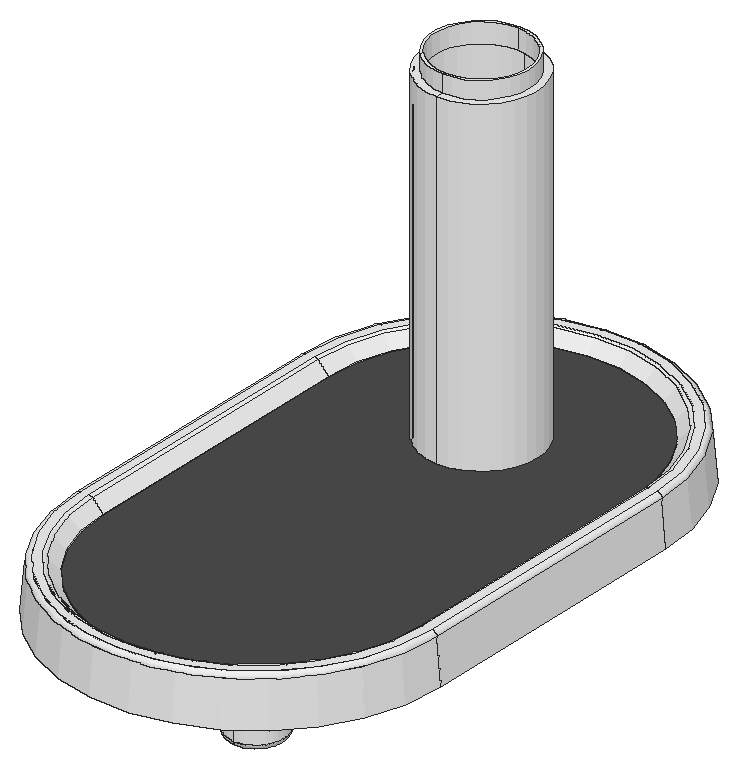
Revit family "HydroTap_Accessory_ZipUK_Font_Raised", category Plumbing Fixtures, Revit 2018
Family settings
  Round Connector Dimension = Use Diameter
  Part Type = Normal
  OmniClass Number = 23.21.21.25
  OmniClass Title = Commercial Food and Beverage Dispensing Equipment
  Work Plane-Based = Yes
  Always vertical = Yes
  Cut with Voids When Loaded = No
  Shared = No
  Room Calculation Point = No
Parameters (values of type "Bright Chrome (95258)")
  Waste Connection = yes
  Vent Connection = no
  Uniclass2015Version = "Products v1.17"
  Uniclass2015Title = "Instant boiling and cold water taps"
  Uniclass2015Code = "Pr_40_70_23_42"
  URL = "https://www.zipwater.co.uk/"
  Type Comments = "Bright Chrome Finish"
  SustainabilityPerformance = "n/a"
  Size = "152 x 268 x 194 mm"
  ModifiedIssue = 20210728
  Model = "Z00"
  ManufacturerURLProductSpecific = "https://specify.zipwater.co.uk/our-ranges/hydrotap"
  ManufacturerSpecCode = "95258"
  ManufacturerOverallWidth = 152 mm  # constant formula
  ManufacturerOverallHeight = 194 mm
  ManufacturerOverallDepth = 268 mm  # constant formula
  ManufacturerHeightFromFFL [instance] = 0 mm
  Manufacturer = "Zip Water UK"
  IfcExportType = "NOTDEFINED"
  IfcExportAs = "IfcWasteTerminal"
  HW Connection = no
  Grade = "Commercial"
  FixtureMaterial = Metal_BrightChrome_Zip
  Description = "Raised Tap Font for HydroTap"
  Default Elevation = 0 mm
  CreatedBy = "IGS BIM Solutions"  # constant formula
  CreatedByURL = "https://igsgroup.com.au"
  Color = "Bright Chrome"
  CodePerformance = "n/a"
  CW Connection = no
  AssetType = "Fixed"
  AccessibilityPerformance = "n/a"
Reference planes
  plane 1 "Ref. Level": z = 0
  plane 2 "Center (Left/Right)": x = 1
  plane 3 "Bottom": z = -43.6
  plane 4 "Top": z = 150.4
  plane 5 "Back": y = 124.25
  plane 6 "Center (Front/Back)": y = -9.75
  plane 7 "Top of benchtop": z = 0
  plane 8 "Right": x = 77
  plane 9 "Left": x = -75
  plane 10 "Front": y = -143.75
  plane 11 "Center of Tap": y = 48.25
  plane 12 "Center of Drain": y = -67.75
Forms (mm)
  Revolve 1, solid, material "Metal_BrightChrome_Zip" <- "FixtureMaterial", detail levels medium+fine
    sketch origin (1, 0.312, 0) x (0, 1, 0) y (0, 0, 1)
      loop
        line (70.937, 150.4) -> (67.759, 150.4) -> (67.759, 157.4) -> (66.759, 157.4) -> (66.759, 149.4) -> (69.937, 149.4) -> (69.937, 15) -> (70.937, 15) -> (70.937, 150.4)
      axis (47.937, 15) -> (47.937, 157.4)
    angle from 0 to 360
  Revolve 2, solid, material "Metal_BrightChrome_Zip" <- "FixtureMaterial", detail levels fine
    sketch origin (1, 0, 0) x (0, 1, 0) y (0, 0, 1)
      loop
        line (-67.75, 0) -> (-110.75, 0) -> (-79.25, -18.187) -> (-79.25, -41.6)
        arc (-79.25, -41.6) -> (-78.664, -43.014) -> (-77.25, -43.6) r 2
        line (-77.25, -43.6) -> (-67.75, -43.6) -> (-67.75, 0)
      axis (-67.75, 0) -> (-67.75, -43.6)
    angle from 0 to 360
  Extrusion 3, solid, material "Metal_BrightChrome_Zip" <- "FixtureMaterial", detail levels coarse
    sketch origin (0, 0, 0) x (-1, 0, 0) y (0, -1, 0)
      loop
        circle (-1, -48.25) r 23
    from 20 to 150.4
  Sweep 4, solid, material "Metal_BrightChrome_Zip" <- "FixtureMaterial", detail levels fine
    path origin (0, 0, 0) x (-1, 0, 0) y (0, -1, 0)
      loop
        arc (75, 67.75) -> (-1, 143.75) -> (-77, 67.75) r 76
        line (-77, 67.75) -> (-77, -48.25)
        arc (-77, -48.25) -> (-1, -124.25) -> (75, -48.25) r 76
        line (75, -48.25) -> (75, 67.75)
    profile origin (-75, -9.75, 0) x (-1, 0, 0) y (0, 0, 1)
      loop
        line (0, 0) -> (-1.59, 18.174)
        arc (-1.59, 18.174) -> (-2.231, 19.475) -> (-3.582, 20) r 2
        line (-3.582, 20) -> (-7.172, 20)
        arc (-7.172, 20) -> (-7.937, 19.848) -> (-8.586, 19.414) r 2
        line (-8.586, 19.414) -> (-13, 15) -> (-13, 0) -> (0, 0)
  Extrusion 5, solid, material "Black_Zip", detail levels medium+fine
    sketch origin (-243, -1524, 0) x (-1, 0, 0) y (0, -1, 0)
      loop
        line (-181, -1572.25) -> (-181, -1456.25)
        arc (-181, -1456.25) -> (-244, -1393.25) -> (-307, -1456.25) r 63
        line (-307, -1456.25) -> (-307, -1572.25)
        arc (-307, -1572.25) -> (-244, -1635.25) -> (-181, -1572.25) r 63
    from 0 to 15
  Sweep 6, solid, material "Metal_BrightChrome_Zip" <- "FixtureMaterial", detail levels medium
    path origin (0, 0, 0) x (-1, 0, 0) y (0, -1, 0)
      loop
        arc (75, 67.75) -> (-1, 143.75) -> (-77, 67.75) r 76
        line (-77, 67.75) -> (-77, -48.25)
        arc (-77, -48.25) -> (-1, -124.25) -> (75, -48.25) r 76
        line (75, -48.25) -> (75, 67.75)
    profile origin (-75, -9.75, 0) x (-1, 0, 0) y (0, 0, 1)
      loop
        line (0, 0) -> (0, 20) -> (-13, 20) -> (-13, 0) -> (0, 0)
  Extrusion 7, solid, material "Metal_BrightChrome_Zip" <- "FixtureMaterial", detail levels coarse
    sketch origin (-243, -1524, 0) x (-1, 0, 0) y (0, -1, 0)
      loop
        line (-168, -1572.25) -> (-168, -1456.25)
        arc (-168, -1456.25) -> (-244, -1380.25) -> (-320, -1456.25) r 76
        line (-320, -1456.25) -> (-320, -1572.25)
        arc (-320, -1572.25) -> (-244, -1648.25) -> (-168, -1572.25) r 76
    from 0 to 20
Lines and regions (mm)
  Masking region 1
    outline origin (0, 0, 0) x (1, 0, 0) y (0, 1, 0)
      loop
        arc (77, 48.25) -> (1, 124.25) -> (-75, 48.25) r 76
        line (-75, 48.25) -> (-75, -67.75)
        arc (-75, -67.75) -> (1, -143.75) -> (77, -67.75) r 76
        line (77, -67.75) -> (77, 48.25)
  symbolic lines, style "Taps/Mixers", detail levels medium+fine
    curve 1: line (-62, -67.75, 150.4) -> (-62, 48.25, 150.4)
    curve 2: arc (-62, 48.25, 150.4) -> (1, 111.25, 150.4) -> (64, 48.25, 150.4) r 63
    curve 3: line (64, 48.25, 150.4) -> (64, -67.75, 150.4)
    curve 4: arc (64, -67.75, 150.4) -> (1, -130.75, 150.4) -> (-62, -67.75, 150.4) r 63
Text (mm)
  text "Disclaimer:\nDue to ongoing product development and manufacturing evolution, product details are subject to change without notice. Please refer to product technical data sheets on the manufacturers website for the most current product information. Please allow a +/- 5mm manufacturing tolerance for dimensions and set-outs shown in product literature." at (444.026, 182.768, 0), in view "Ref. Level_Instruction"
Dimensions and locks
  equal spacing: plane 5 "Back", plane 6 "Center (Front/Back)", plane 10 "Front"
  "ManufacturerOverallHeight": plane 4 "Top" to plane 3 "Bottom"
  plane 4 "Top" to plane 7 "Top of benchtop" = 150.4 mm
  "ManufacturerHeightFromFFL": plane 7 "Top of benchtop" to plane 1 "Ref. Level"
  equal spacing: plane 9 "Left", plane 2 "Center (Left/Right)", plane 8 "Right"
  "ManufacturerOverallWidth": plane 9 "Left" to plane 8 "Right"
  "ManufacturerOverallDepth": plane 5 "Back" to plane 10 "Front"
  locked: plane 5 "Back" to plane 11 "Center of Tap" at 76
  locked: plane 12 "Center of Drain" to plane 10 "Front" at 76
  locked: plane 7 "Top of benchtop" to plane 3 "Bottom" at 43.6
  locked: Revolve 1 sketch curve to plane 7 "Top of benchtop" at 15
  locked: Revolve 2 sketch curve to plane 3 "Bottom" at 25.413
  aligned and locked: plane 4 "Top" to Extrusion 3
  aligned and locked: Revolve 2 sketch curve to plane 7 "Top of benchtop"
  aligned and locked: Revolve 2 sketch curve to plane 3 "Bottom"
Automatic sketch dimensions
  Extrusion 3 sketch curve to plane 2 "Center (Left/Right)" = 0 mm
  Extrusion 3 sketch curve to plane 5 "Back" = 76 mm
  Revolve 1 sketch curve to plane 4 "Top" = 0 mm
  Revolve 1 sketch curve to plane 5 "Back" = 57.178 mm
  Revolve 1 sketch curve to Revolve 1 sketch curve = 1 mm
  Revolve 1 sketch curve to plane 5 "Back" = 54 mm
  Revolve 1 sketch curve to plane 5 "Back" = 53 mm
  Revolve 1 sketch curve to plane 4 "Top" = 1 mm
  plane 4 "Top" to Revolve 1 sketch curve = 7 mm
  level to Revolve 1 sketch curve = 0.174 mm
  Revolve 1 sketch curve to Revolve 1 sketch curve = 61.939 mm
  Sweep 4 sketch curve to plane 2 "Center (Left/Right)" = 0 mm
  Sweep 4 sketch curve to plane 6 "Center (Front/Back)" = 58 mm
  Sweep 4 sketch curve to plane 8 "Right" = 0 mm
  Sweep 4 sketch curve to plane 7 "Top of benchtop" = 0 mm
  Sweep 4 sketch curve to profile plane = 0 mm
  profile plane to Sweep 4 sketch curve = 1.59 mm
  Sweep 4 sketch curve to Sweep 4 sketch curve = 1.992 mm
  Sweep 4 sketch curve to Sweep 4 sketch curve = 2 mm
  plane 7 "Top of benchtop" to Sweep 4 sketch curve = 15 mm
  Sweep 4 sketch curve to Sweep 4 sketch curve = 3 mm
  Sweep 4 sketch curve to Sweep 4 sketch curve = 0 mm
  Sweep 4 sketch curve to Sweep 4 sketch curve = 3.589 mm
  Sweep 4 sketch curve to Sweep 4 sketch curve = 1.414 mm
  Sweep 4 sketch curve to Sweep 4 sketch curve = 4.414 mm
  Extrusion 5 sketch curve to plane 2 "Center (Left/Right)" = 0 mm
  plane 9 "Left" to Extrusion 5 sketch curve = 13 mm
  Extrusion 5 sketch curve to plane 6 "Center (Front/Back)" = 58 mm
  Sweep 6 sketch curve to plane 8 "Right" = 0 mm
  Sweep 6 sketch curve to plane 2 "Center (Left/Right)" = 0 mm
  Sweep 6 sketch curve to plane 6 "Center (Front/Back)" = 58 mm
  Sweep 6 sketch curve to plane 7 "Top of benchtop" = 0 mm
  Sweep 6 sketch curve to profile plane = 0 mm
  Sweep 6 sketch curve to Sweep 6 sketch curve = 13 mm
  plane 7 "Top of benchtop" to Sweep 6 sketch curve = 20 mm
  Extrusion 7 sketch curve to plane 8 "Right" = 0 mm
  Extrusion 7 sketch curve to plane 2 "Center (Left/Right)" = 0 mm
  Extrusion 7 sketch curve to plane 6 "Center (Front/Back)" = 58 mm
  Revolve 2 sketch curve to plane 12 "Center of Drain" = 0 mm  (x2)
  Revolve 2 sketch curve to level = 0 mm
  Revolve 2 sketch curve to plane 12 "Center of Drain" = 9.5 mm
  Revolve 2 sketch curve to Revolve 2 sketch curve = 2 mm
  plane 10 "Front" to Revolve 2 sketch curve = 33 mm
  Revolve 2 sketch curve to Revolve 2 sketch curve = 12.18 mm
  Masking region 1 sketch curve to plane 9 "Left" = 0 mm
  Masking region 1 sketch curve to plane 2 "Center (Left/Right)" = 0 mm
  Masking region 1 sketch curve to plane 12 "Center of Drain" = 0 mm
  Masking region 1 sketch curve to plane 11 "Center of Tap" = 0 mm
  curve 2 to plane 2 "Center (Left/Right)" = 0 mm
  curve 2 to plane 11 "Center of Tap" = 0 mm
  curve 3 to plane 12 "Center of Drain" = 0 mm
  Revolve 1 sketch curve to plane 11 "Center of Tap" = 0 mm
  Sweep 4 sketch curve to plane 11 "Center of Tap" = 0 mm
  Extrusion 5 sketch curve to plane 11 "Center of Tap" = 0 mm
  Sweep 6 sketch curve to plane 11 "Center of Tap" = 0 mm
  Extrusion 7 sketch curve to plane 11 "Center of Tap" = 0 mm
  curve 3 to plane 8 "Right" = 13 mm
  radius of Extrusion 3 sketch curve = 23 mm
